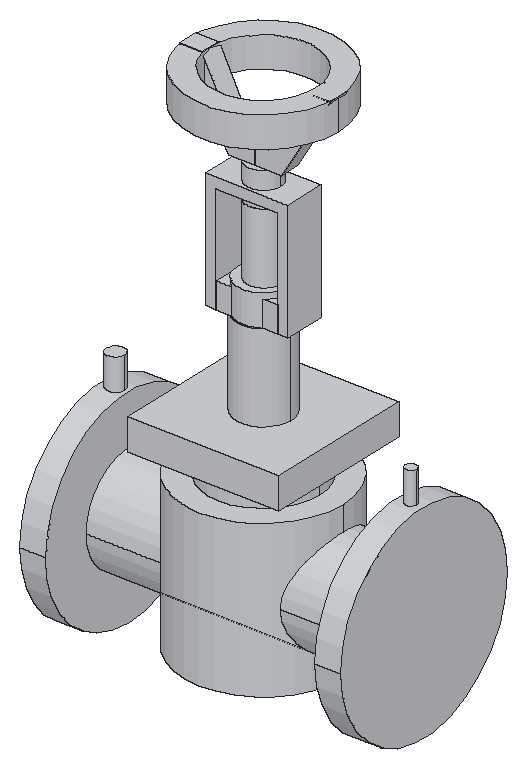
Revit family "Sigma_Compact_DN080-HF_PN16_RFA_2018", category Pipe Accessories, Revit 2018
Family settings
  Round Connector Dimension = Use Diameter
  Part Type = Valve - Breaks Into
  Work Plane-Based = No
  Always vertical = Yes
  Cut with Voids When Loaded = No
  Shared = No
Parameters (values of type "Sigma Compact DN 080 HF PN16")
  magiProductId = "30d16928369c437789493110503824"
  magiProductFamilyId = "01495da7eb234de3883c6bc9c8853e"
  magiPartTypeId = 304
  isMeasuringValve [instance] = no
  ang2D [instance] = 0.00°
  W2D = 50 mm
  VersionID = "2.0/2018.12.13.2/FRESE_SIGMA_C_BIG_Q13_001"
  Use Minimum Symbol Size [instance] = no
  URL = "www.hydronix.cz"
  Type Comments = "přírubový; PN16; max dp=800kPa; 0~+120°C; max uzavírací tlak 1MPa"
  R4 = 54.25 mm
  R3 = 52 mm
  R1 = 77.5 mm
  QmdConnectorList = "301;D;302;D"
  Productdata [instance] = ""
  Manufacturer = "Hydronix"
  Maintenance Zone Under Depth [instance] = 100 mm
  Maintenance Zone Right Depth [instance] = 100 mm
  Maintenance Zone Over Depth [instance] = 100 mm
  Maintenance Zone Left Depth [instance] = 100 mm
  Maintenance Zone Front Depth [instance] = 100 mm
  Maintenance Zone Back Depth [instance] = 100 mm
  Maintenance Zone Front Visibility [instance] = no
  MC Use Limits From Balancing Method = no
  MC Throttling Minimum Value = 0
  MC Throttling Maximum Value = 0
  MC Product Code = "53-2412 DN80; PN16; (7020-43000 l/h); kvs=61"
  MC Pressure Drop Minimum Value = 0.0 Pa
  MC Pressure Drop Maximum Value = 0.0 Pa
  MC Piping Given Pressure Drop [instance] = 0.0 Pa
  LF__ve = -LF  # -24.8 mm
  LF2 = 12.4 mm
  LF = 24.8 mm
  L432 = 25.497 mm
  L43 = 50.995 mm
  L42 = 72.85 mm
  L4 = 145.7 mm
  L3 = 260.4 mm
  L2D_Min = 30.48 mm
  L2D = 230 mm
  L2 = 155 mm
  HH12 = 16.5 mm
  HH1 = 33 mm
  HDF__ve = -HDF  # -213 mm
  HDF = 213 mm
  H6 = 85 mm
  H4 = 30 mm
  H3 = 25 mm
  H2 = 75 mm
  H11 = 150 mm
  H1 = 526 mm
  H = 413 mm
  Description = "Automatický vyvažovací ventil"
  DF2 = 100 mm
  D = 80 mm
  Clearance Zone Height Depth [instance] = 100 mm
  Clearance Zone Circular Radius [instance] = 155 mm
  Clearance Zone Visibility [instance] = no
  CAT0 = yes
Types (9, lengths in mm): name | magiProductId | Type Comments | R4 | R3 | R1 | MC Product Code | LF__ve | LF2 | LF | L432 | L43 | L42 | L4 | L3 | L2 | HH12 | HH1 | HDF__ve | HDF | H4 | H3 | H2 | H11 | H1 | H | DF2 | D | Clearance Zone Circular Radius
  Sigma Compact DN 050 HF PN16 | "68e8ec0e285d475ea5c3f8787337ca" | "přírubový; PN16; max dp=800kPa; 0~+120°C; max uzavírací tlak 1MPa" | 40.25 | 42.9 | 57.5 | "53-2410 DN50; PN16; (3920-24000 l/h); kvs=34" | -18.4 | 9.2 | 18.4 | 18.917 | 37.835 | 54.05 | 108.1 | 193.2 | 115 | 16.5 | 33 | -202 | 202 | 24.75 | 20.625 | 61.875 | 123.75 | 480 | 367 | 82.5 | 50 | 115
  Sigma Compact DN 065 HF PN16 | "93d22af618bf47d6be13ef3bd41a97" | "přírubový; PN16; max dp=800kPa; 0~+120°C; max uzavírací tlak 1MPa" | 50.75 | 48.1 | 72.5 | "53-2411 DN65; PN16; (5950-35000 l/h); kvs=47" | -23.2 | 11.6 | 23.2 | 23.853 | 47.705 | 68.15 | 136.3 | 243.6 | 145 | 16.5 | 33 | -199 | 199 | 27.75 | 23.125 | 69.375 | 138.75 | 497 | 384 | 92.5 | 65 | 145
  Sigma Compact DN 080 HF PN16 | "30d16928369c437789493110503824" | "přírubový; PN16; max dp=800kPa; 0~+120°C; max uzavírací tlak 1MPa" | 54.25 | 52 | 77.5 | "53-2412 DN80; PN16; (7020-43000 l/h); kvs=61" | -24.8 | 12.4 | 24.8 | 25.497 | 50.995 | 72.85 | 145.7 | 260.4 | 155 | 16.5 | 33 | -213 | 213 | 30 | 25 | 75 | 150 | 526 | 413 | 100 | 80 | 155
  Sigma Compact DN 100 HF PN16 | "cbc2fc0a341c4a2b87b0bcbf79c376" | "přírubový; PN16; max dp=800kPa; 0~+120°C; max uzavírací tlak 1MPa" | 61.25 | 61.1 | 87.5 | "53-2413 DN100; PN16; (14800-90000 l/h); kvs=104" | -28 | 14 | 28 | 28.788 | 57.575 | 82.25 | 164.5 | 294 | 175 | 34 | 68 | -331 | 331 | 35.25 | 29.375 | 88.125 | 176.25 | 714 | 566 | 117.5 | 100 | 175
  Sigma Compact DN 125 HF PN16 | "02452206f7594718b3d97e4e693144" | "přírubový; PN16; max dp=800kPa; 0~+120°C; max uzavírací tlak 1MPa" | 70 | 70.2 | 100 | "53-2414 DN125; PN16; (23000-135000 l/h); kvs=185" | -32 | 16 | 32 | 32.9 | 65.8 | 94 | 188 | 336 | 200 | 36.5 | 73 | -338 | 338 | 40.5 | 33.75 | 101.25 | 202.5 | 761 | 608 | 135 | 125 | 200
  Sigma Compact DN 150 HF PN16 | "2e5d0064e2dd45fa818d7fb779c9a5" | "přírubový; PN16; max dp=800kPa; 0~+110°C; max uzavírací tlak 1MPa" | 84 | 74.1 | 120 | "53-2415 DN150; PN16; (32000-195000 l/h); kvs=242" | -38.4 | 19.2 | 38.4 | 39.48 | 78.96 | 112.8 | 225.6 | 403.2 | 240 | 13 | 26 | -391 | 391 | 42.75 | 35.625 | 106.875 | 213.75 | 782 | 676 | 142.5 | 150 | 240
  Sigma Compact DN 200 HF PN16 | "9690c155034b41f3a54554dedb5edf" | "přírubový; PN16; max dp=800kPa; 0~+110°C; max uzavírací tlak 1MPa" | 105 | 98.8 | 150 | "53-2416 DN200; PN16; (130000-280000 l/h); kvs=317" | -48 | 24 | 48 | 49.35 | 98.7 | 141 | 282 | 504 | 300 | 29.5 | 59 | -334 | 334 | 57 | 47.5 | 142.5 | 285 | 853 | 714 | 190 | 200 | 300
  Sigma Compact DN 250 HF PN16 | "baee3668eb0d4f168225ec1ed946f7" | "přírubový; PN16; max dp=800kPa; 0~+110°C; max uzavírací tlak 1MPa" | 127.75 | 115.44 | 182.5 | "53-2417 DN250; PN16; (245000-600000 l/h); kvs=717" | -58.4 | 29.2 | 58.4 | 60.042 | 120.085 | 171.55 | 343.1 | 613.2 | 365 | 29 | 58 | -462 | 462 | 66.6 | 55.5 | 166.5 | 333 | 1044 | 906 | 222 | 250 | 365
  Sigma Compact DN 300 HF PN16 | "f903017b03a74a7ebca8b59c0516bf" | "přírubový; PN16; max dp=800kPa; 0~+110°C; max uzavírací tlak 1MPa" | 148.75 | 135.2 | 212.5 | "53-2418 DN300; PN16; (245000-600000 l/h); kvs=717" | -68 | 34 | 68 | 69.912 | 139.825 | 199.75 | 399.5 | 714 | 425 | 29 | 58 | -424 | 424 | 78 | 65 | 195 | 390 | 1082 | 944 | 260 | 300 | 425
Reference planes
  plane 1 "Center (Front/Back)": y = 0
  plane 2 "XYPLANE": z = 0
  plane 3 "Center (Left/Right)": x = 0
  plane 4 "298": y = -200
  plane 5 "297": y = 200
  plane 6 "296": y = -100
  plane 7 "295": y = 100
  plane 8 "294": z = -200
  plane 9 "293": z = 526
  plane 10 "292": x = -255
  plane 11 "291": x = 255
  plane 12 "290": z = 526
  plane 13 "256": y = -20
  plane 14 "254": z = 319.5
  plane 15 "253": z = 329.5
  plane 16 "252": x = -40
  plane 17 "251": x = -30
  plane 18 "250": x = 40
  plane 19 "249": x = 30
  plane 20 "247": z = 215
  plane 21 "244": z = 313
  plane 22 "243": x = 72.85
  plane 23 "242": x = 50.995
  plane 24 "241": x = 25.497
  plane 25 "240": y = -10
  plane 26 "238": x = -25.497
  plane 27 "237": x = -50.995
  plane 28 "236": z = 346
  plane 29 "235": z = 376
  plane 30 "234": x = -72.85
  plane 31 "225": z = 426
  plane 32 "224": z = -100
  plane 33 "157": x = 142.6
  plane 34 "156": x = -142.6
  plane 35 "155": z = 100
  plane 36 "154": z = 130
  plane 37 "153": z = 100
  plane 38 "152": z = 75
  plane 39 "151": x = -130.2
  plane 40 "150": z = -75
  plane 41 "149": x = 0
  plane 42 "148": y = 0
  plane 43 "147": z = 0
  plane 44 "146": x = -155
  plane 45 "145": x = 155
Forms (mm)
  Blend 1, solid, visible <- "Maintenance Zone Front Visibility"
    base sketch origin (-750, 0, 526) x (1, 0, 0) y (0, 1, 0)
      loop
        line (495, 200) -> (495, -200) -> (1005, -200) -> (1005, 200) -> (495, 200)
    top sketch origin (-750, 0, 526) x (1, 0, 0) y (0, 1, 0)
      loop
        line (495, 200) -> (495, -200) -> (1005, -200) -> (1005, 200) -> (495, 200)
    from 0 to -726
  Blend 2, solid, visible <- "Clearance Zone Visibility"
    base sketch origin (-750, 0, 0) x (1, 0, 0) y (0, 1, 0)
      loop
        circle (750, 0) r 155
    top sketch origin (-750, 0, 0) x (1, 0, 0) y (0, 1, 0)
      loop
        circle (750, 0) r 155
    from 0 to 526
  Extrusion 3, solid
    sketch origin (-750, 0, 313) x (1, 0, 0) y (0, 1, 0)
      loop
        circle (750, 0) r 16.58
    from 0 to -213 <- "HDF__ve"
  Extrusion 4, solid
    sketch origin (-750, 0, 215) x (1, 0, 0) y (0, 1, 0)
      loop
        line (780, 20) -> (720, 20) -> (720, -20) -> (780, -20) -> (780, 20)
    from 0 to 25
  Extrusion 5, solid
    sketch origin (750, -20, 0) x (-1, 0, 0) y (0, 0, 1)
      loop
        line (790, 215) -> (790, 329.5) -> (710, 329.5) -> (710, 215) -> (720, 215) -> (720, 319.5) -> (780, 319.5) -> (780, 215) -> (790, 215)
    from 0 to 40
  Extrusion 6, solid
    sketch origin (-750, 0, 215) x (1, 0, 0) y (0, 1, 0)
      loop
        circle (750, 0) r 25
    from 0 to 30
  Extrusion 7, solid
    sketch origin (750, -10, 0) x (-1, 0, 0) y (0, 0, 1)
      loop
        line (800.995, 426) -> (775.497, 376) -> (750, 376) -> (750, 346) -> (775.497, 346) -> (822.85, 426) -> (800.995, 426)
    from 0 to 20
  Extrusion 8, solid
    sketch origin (750, -10, 0) x (-1, 0, 0) y (0, 0, 1)
      loop
        line (699.005, 426) -> (677.15, 426) -> (724.503, 346) -> (750, 346) -> (750, 376) -> (724.503, 376) -> (699.005, 426)
    from 0 to 20
  Extrusion 9, solid
    sketch origin (-750, 0, 313) x (1, 0, 0) y (0, 1, 0)
      loop
        circle (750, 0) r 16.58
    from 0 to 33 <- "HH1"
  Extrusion 10, solid
    sketch origin (-750, 0, 426) x (1, 0, 0) y (0, 1, 0)
      loop
        circle (750, 0) r 72.85
      loop
        circle (750, 0) r 50.995
    from 0 to -30
  Extrusion 11, solid, visible <- "CAT0"
    sketch origin (-750, 0, 100) x (1, 0, 0) y (0, 1, 0)
      loop
        circle (892.6, 0) r 5.5
    from 0 to 30
  Extrusion 12, solid, visible <- "CAT0"
    sketch origin (-750, 0, 100) x (1, 0, 0) y (0, 1, 0)
      loop
        circle (607.4, 0) r 8.7
    from 0 to 30
  Extrusion 13, solid, visible <- "CAT0"
    sketch origin (-750, 0, 130) x (1, 0, 0) y (0, 1, 0)
      loop
        circle (750, 0) r 26.58
    from 0 to 85 <- "H6"
  Extrusion 14, solid, visible <- "CAT0"
    sketch origin (-750, 0, 100) x (1, 0, 0) y (0, 1, 0)
      loop
        line (822.85, 72.85) -> (677.15, 72.85) -> (677.15, -72.85) -> (822.85, -72.85) -> (822.85, 72.85)
    from 0 to 30 <- "H4"
  Extrusion 15, solid, visible <- "CAT0"
    sketch origin (-750, 0, 75) x (1, 0, 0) y (0, 1, 0)
      loop
        circle (750, 0) r 54.25
    from 0 to 25 <- "H3"
  Extrusion 16, solid, visible <- "CAT0"
    sketch origin (-130.2, -750, 0) x (0, 1, 0) y (0, 0, 1)
      loop
        circle (750, 0) r 52
    from 0 to 260.4 <- "L3"
  Extrusion 17, solid, visible <- "CAT0"
    sketch origin (-750, 0, -75) x (1, 0, 0) y (0, 1, 0)
      loop
        circle (750, 0) r 77.5
    from 0 to 150 <- "H11"
  Extrusion 18, solid, visible <- "CAT0"
    sketch origin (-155, -750, 0) x (0, 1, 0) y (0, 0, 1)
      loop
        circle (750, 0) r 100
    from 0 to 24.8 <- "LF"
  Extrusion 19, solid, visible <- "CAT0"
    sketch origin (155, -750, 0) x (0, 1, 0) y (0, 0, 1)
      loop
        circle (750, 0) r 100
    from 0 to -24.8 <- "LF__ve"
  Extrusion 20, solid, not visible
    sketch origin (-155, -750, 0) x (0, 1, 0) y (0, 0, 1)
      loop
        circle (750, 0) r 10
    from 0 to 10
  Extrusion 21, solid, not visible
    sketch origin (155, -750, 0) x (0, 1, 0) y (0, 0, 1)
      loop
        circle (750, 0) r 10
    from 0 to -10
Lines and regions (mm)
  reference lines, not visible
    curve 1: circle (2, 2, 0) r 1 normal (0, 0, 1)
  reference lines
    curve 2: circle (0, 0, 100) r 1 normal (0, 0, 1)
Dimensions and locks
  plane 1 "Center (Front/Back)" to curve 1 = 2 mm
  "Maintenance Zone Front Depth": plane 6 "296" to plane 4 "298"
  "Maintenance Zone Back Depth": plane 7 "295" to plane 5 "297"
  "DF2": plane 42 "148" to plane 6 "296"
  "DF2": plane 42 "148" to plane 7 "295"
  "Maintenance Zone Under Depth": plane 32 "224" to plane 8 "294"
  "Maintenance Zone Over Depth": plane 31 "225" to plane 9 "293"
  "Maintenance Zone Left Depth": plane 44 "146" to plane 10 "292"
  "Maintenance Zone Right Depth": plane 45 "145" to plane 11 "291"
  "Clearance Zone Height Depth": plane 31 "225" to plane 12 "290"
  locked: plane 25 "240" to plane 13 "256" at 10
  locked: plane 15 "253" to plane 14 "254" at 10
  "HH12": plane 21 "244" to plane 15 "253"
  locked: plane 17 "251" to plane 16 "252" at 10
  locked: plane 41 "149" to plane 17 "251" at 30
  locked: plane 19 "249" to plane 18 "250" at 10
  locked: plane 41 "149" to plane 19 "249" at 30
  "H6": plane 36 "154" to plane 20 "247"
  "H": plane 32 "224" to plane 21 "244"
  "L42": plane 41 "149" to plane 22 "243"
  "L43": plane 41 "149" to plane 23 "242"
  "L432": plane 41 "149" to plane 24 "241"
  locked: plane 42 "148" to plane 25 "240" at 10
  "L432": plane 41 "149" to plane 26 "238"
  "L43": plane 41 "149" to plane 27 "237"
  locked: plane 29 "235" to plane 28 "236" at 30
  locked: plane 31 "225" to plane 29 "235" at 50
  "L42": plane 41 "149" to plane 30 "234"
  "H1": plane 32 "224" to plane 31 "225"
  "DF2": plane 2 "XYPLANE" to plane 32 "224"
  "LF2": plane 45 "145" to plane 33 "157"
  "LF2": plane 44 "146" to plane 34 "156"
  "DF2": plane 2 "XYPLANE" to plane 35 "155"
  "H4": plane 37 "153" to plane 36 "154"
  "H3": plane 38 "152" to plane 37 "153"
  "H11": plane 40 "150" to plane 38 "152"
  "LF": plane 44 "146" to plane 39 "151"
  "H2": plane 2 "XYPLANE" to plane 40 "150"
  locked: plane 3 "Center (Left/Right)" to plane 41 "149"
  locked: plane 1 "Center (Front/Back)" to plane 42 "148"
  locked: plane 2 "XYPLANE" to plane 43 "147"
  "L2": plane 3 "Center (Left/Right)" to plane 44 "146"
  "L2": plane 3 "Center (Left/Right)" to plane 45 "145"
  Blend 1 sketch curve to Blend 1 sketch curve = 0 mm  (x16)
  Extrusion 4 sketch curve to Extrusion 4 sketch curve = 0 mm  (x8)
  Extrusion 5 sketch curve to Extrusion 5 sketch curve = 0 mm  (x16)
  Extrusion 7 sketch curve to Extrusion 7 sketch curve = 0 mm  (x12)
  Extrusion 8 sketch curve to Extrusion 8 sketch curve = 0 mm  (x12)
  equal spacing: Extrusion 14 sketch curve, curve 2, Extrusion 14 sketch curve  (x2)
  "L4": Extrusion 14 sketch curve to Extrusion 14 sketch curve  (x2)
  Extrusion 14 sketch curve to Extrusion 14 sketch curve = 0 mm  (x8)
  "Clearance Zone Circular Radius": radius of Blend 2 sketch curve  (x2)
  "L42": radius of Extrusion 10 sketch curve
  "L43": radius of Extrusion 10 sketch curve
  "R4": radius of Extrusion 15 sketch curve
  "R3": radius of Extrusion 16 sketch curve
  "R1": radius of Extrusion 17 sketch curve
  "DF2": radius of Extrusion 18 sketch curve
  "DF2": radius of Extrusion 19 sketch curve
  aligned and locked: level to plane 2 "XYPLANE"
  aligned and locked: Blend 1 sketch curve to plane 5 "297"  (x2)
  aligned and locked: plane 10 "292" to Blend 1 sketch curve  (x4)
  aligned and locked: plane 11 "291" to Blend 1 sketch curve  (x4)
  aligned and locked: plane 5 "297" to Blend 1 sketch curve  (x2)
  aligned and locked: plane 4 "298" to Blend 1 sketch curve  (x4)
  aligned and locked: Blend 1 to plane 8 "294"
  aligned and locked: plane 41 "149" to Blend 2 sketch curve  (x2)
  aligned and locked: plane 42 "148" to Blend 2 sketch curve  (x2)
  aligned and locked: plane 12 "290" to Blend 2
  aligned and locked: plane 41 "149" to Extrusion 3 sketch curve
  aligned and locked: plane 42 "148" to Extrusion 3 sketch curve
  aligned and locked: Extrusion 5 sketch curve to plane 16 "252"
  aligned and locked: plane 20 "247" to Extrusion 5 sketch curve  (x4)
  aligned and locked: plane 15 "253" to Extrusion 5 sketch curve  (x2)
  aligned and locked: plane 16 "252" to Extrusion 5 sketch curve
  aligned and locked: plane 18 "250" to Extrusion 5 sketch curve  (x2)
  aligned and locked: plane 19 "249" to Extrusion 5 sketch curve  (x2)
  aligned and locked: plane 14 "254" to Extrusion 5 sketch curve  (x2)
  aligned and locked: plane 17 "251" to Extrusion 5 sketch curve  (x2)
  aligned and locked: plane 41 "149" to Extrusion 6 sketch curve
  aligned and locked: plane 42 "148" to Extrusion 6 sketch curve
  aligned and locked: plane 27 "237" to Extrusion 7 sketch curve
  aligned and locked: plane 31 "225" to Extrusion 7 sketch curve  (x2)
  aligned and locked: plane 26 "238" to Extrusion 7 sketch curve  (x2)
  aligned and locked: plane 29 "235" to Extrusion 7 sketch curve  (x2)
  aligned and locked: plane 41 "149" to Extrusion 7 sketch curve  (x2)
  aligned and locked: plane 28 "236" to Extrusion 7 sketch curve  (x2)
  aligned and locked: plane 30 "234" to Extrusion 7 sketch curve
  aligned and locked: plane 23 "242" to Extrusion 8 sketch curve
  aligned and locked: plane 31 "225" to Extrusion 8 sketch curve  (x2)
  aligned and locked: plane 24 "241" to Extrusion 8 sketch curve  (x2)
  aligned and locked: plane 29 "235" to Extrusion 8 sketch curve  (x2)
  aligned and locked: plane 41 "149" to Extrusion 8 sketch curve  (x2)
  aligned and locked: plane 28 "236" to Extrusion 8 sketch curve  (x2)
  aligned and locked: plane 22 "243" to Extrusion 8 sketch curve
  aligned and locked: plane 41 "149" to Extrusion 9 sketch curve
  aligned and locked: plane 42 "148" to Extrusion 9 sketch curve
  aligned and locked: plane 41 "149" to Extrusion 10 sketch curve  (x2)
  aligned and locked: plane 42 "148" to Extrusion 10 sketch curve  (x2)
  aligned and locked: plane 33 "157" to Extrusion 11 sketch curve
  aligned and locked: plane 42 "148" to Extrusion 11 sketch curve
  aligned and locked: plane 34 "156" to Extrusion 12 sketch curve
  aligned and locked: plane 42 "148" to Extrusion 12 sketch curve
  aligned and locked: plane 41 "149" to Extrusion 13 sketch curve
  aligned and locked: plane 42 "148" to Extrusion 13 sketch curve
  aligned and locked: plane 41 "149" to curve 2
  aligned and locked: plane 42 "148" to curve 2
  aligned and locked: plane 41 "149" to Extrusion 15 sketch curve
  aligned and locked: plane 42 "148" to Extrusion 15 sketch curve
  aligned and locked: Extrusion 16 sketch curve to plane 42 "148"
  aligned and locked: plane 43 "147" to Extrusion 16 sketch curve
  aligned and locked: plane 41 "149" to Extrusion 17 sketch curve
  aligned and locked: plane 42 "148" to Extrusion 17 sketch curve
  aligned and locked: Extrusion 18 sketch curve to plane 42 "148"
  aligned and locked: plane 43 "147" to Extrusion 18 sketch curve
  aligned and locked: Extrusion 19 sketch curve to plane 42 "148"
  aligned and locked: plane 43 "147" to Extrusion 19 sketch curve
  aligned and locked: Extrusion 20 sketch curve to plane 42 "148"
  aligned and locked: plane 43 "147" to Extrusion 20 sketch curve
  aligned and locked: Extrusion 21 sketch curve to plane 42 "148"
  aligned and locked: plane 43 "147" to Extrusion 21 sketch curve
Automatic sketch dimensions
  plane 26 "238" to Extrusion 3 sketch curve = 8.917 mm
  Extrusion 4 sketch curve to plane 17 "251" = 0 mm
  Extrusion 4 sketch curve to plane 13 "256" = 0 mm
  Extrusion 4 sketch curve to plane 19 "249" = 0 mm
  Extrusion 4 sketch curve to plane 1 "Center (Front/Back)" = 20 mm
  plane 17 "251" to Extrusion 6 sketch curve = 5 mm
  plane 26 "238" to Extrusion 9 sketch curve = 8.917 mm
  Extrusion 11 sketch curve to plane 33 "157" = 5.5 mm
  plane 44 "146" to Extrusion 12 sketch curve = 3.7 mm
  Extrusion 13 sketch curve to plane 26 "238" = 1.083 mm
  Extrusion 20 sketch curve to plane 25 "240" = 0 mm
  Extrusion 21 sketch curve to plane 25 "240" = 0 mm
  plane 3 "Center (Left/Right)" to curve 1 = 2 mm
  Extrusion 14 sketch curve to plane 30 "234" = 0 mm
  plane 6 "296" to Extrusion 14 sketch curve = 27.15 mm
  radius of curve 2 = 1 mm
  radius of curve 1 = 1 mm
Connectors
  piping at (-155, 0, 0), diameter 80, driven by "D"
    settings: on Extrusion 20, index 1, connector inside diameter 609.6 mm, connector length 0 mm, flow factor 0, pipe flow 0.0 L/s, pressure drop 0.0 Pa, fitting loss kfactor 0, connector angle 0.00°, fixture units 0, engagement length 0 mm, angle of deflection 0.00°, flow configuration 0, flow direction 0, fitting loss method 0, system type 29, joint type 0, gender type 0, connector reference index 2, connector utility 0, adjustable connector no, is connector primary yes, connector description ""
  piping at (155, 0, 0), diameter 80, driven by "D"
    settings: on Extrusion 21, index 2, connector inside diameter 609.6 mm, connector length 0 mm, flow factor 0, pipe flow 0.0 L/s, pressure drop 0.0 Pa, fitting loss kfactor 0, connector angle 0.00°, fixture units 0, engagement length 0 mm, angle of deflection 0.00°, flow configuration 0, flow direction 0, fitting loss method 0, system type 29, joint type 0, gender type 0, connector reference index 1, connector utility 0, adjustable connector no, is connector primary no, connector description ""
